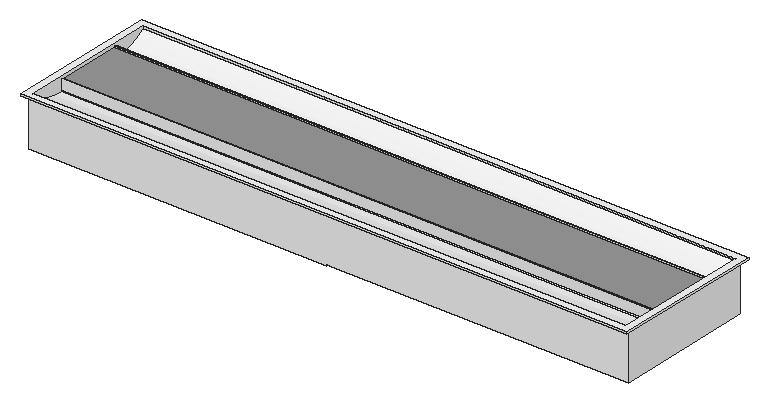
Revit family "2069268 Feilo Sylvania Lighting Fixture OFFICELYTE 1200 HE 4K SSH01", category Lighting Fixtures, host Face, Revit 2017
Family settings
  Host = Face
  Round Connector Dimension = Use Diameter
  Part Type = Normal
  OmniClass Number = 23.80.70.11.17
  OmniClass Title = Specialized Lighting by Location or Use
  Cut with Voids When Loaded = No
  Light Source = Yes
  Shared = No
  Room Calculation Point = No
Parameters (values of type "2069268 OFFICELYTE 1200 HE 4K SSH01")
  Width = 297.0 mm
  Weight = 5.90 kg
  Wattage = 25 W
  built-in parameter 1150110 = 1 (stored number, unit not read)
  Voltage Comments = "UNV (Universal Voltage; 230-240 Volt)"  # constant formula
  Voltage = 230 V  # constant formula
  URL = "http://www.sylvania-lighting.com"
  built-in parameter 1114217 = 1 (stored number, unit not read)
  Tilt Angle = 90.00°
  built-in parameter 1150109 = 1 (stored number, unit not read)
  built-in parameter 1150134 = 12
  built-in parameter 1150113 = 1 (stored number, unit not read)
  Product Page URL = "http://www.sylvania-lighting.com/product/en-int/products/2069268"
  Product Family = "OFFICELYTE LP LED"  # constant formula
  Photometry Comments = ""
  Photometric Web File = "2069268.ies"
  Life = "50 000 h"  # constant formula
  Length = 1197.0 mm
  LOR = "100 %"
  Keynote = "16500"
  IP Rating = "IP40"  # constant formula
  IK Rating = "IK02"  # constant formula
  Glow Wire Test = 650 °C  # constant formula
  Glare Control = "UGR <19"  # constant formula
  Electrical Protection = "CLASS I"  # constant formula
  Diffuser Material = Acrylic_Sylvania_Officelyte LP LED_Satin_4000K
  Height = 95.0 mm
  built-in parameter 1114216 [instance] = 1 (stored number, unit not read)
  Model = "OFFICELYTE 1200 HE 4K SSH01"
  Manufacturer = "Havells-Sylvania Group"  # constant formula
  built-in parameter 1150105 = 1881.9 (stored number, unit not read)
  Lumens = 3425 lm
  built-in parameter 1150115 = 1 (stored number, unit not read)
  built-in parameter 1150137 = (empty or 0)
  built-in parameter 1150139 = (empty or 0)
  built-in parameter 1150112 = 1 (stored number, unit not read)
  built-in parameter 1150114 = 1 (stored number, unit not read)
  Lamp = "LED"
  built-in parameter 1150132 = 2
  built-in parameter 1150102 = (empty or 0)
  built-in parameter 1150107 = 4000 (stored number, unit not read)
  built-in parameter 1150138 = (empty or 0)
  built-in parameter 1150106 = 18.819 (stored number, unit not read)
  Reflector Material = Steel_Sylvania_Officelyte LP LED_White_RAL 9016
  Emit from Rectangle Width = 564.0 mm
  Emit from Rectangle Length = 564.0 mm
  Emit Shape Visible in Rendering = no
  built-in parameter 1150104 = 12.728 (stored number, unit not read)
  Dimming Lamp Color Temperature Shift = <None>
  CRI ( Ra ) = 85
  Body Material = Steel_Sylvania_Officelyte LP LED_White_RAL 9016
  Description = "The Concord OFFICELYTE LP LED HO 4K 600 is a high efficient luminaire for Office, education, meeting rooms. With efficacy of 95lm/W, at 4549lm, CRI of 85 and a very low glare ratio according to EN12464."  # constant formula
  Default Elevation = 0.0 mm
  Color Filter = 16777215
  Catalog Number = "2064456 OFFICELYTE LP LED HE 4K 600"
  built-in parameter 1140040 [instance] = 1
  built-in parameter 1114218 = 1 (stored number, unit not read)
  built-in parameter 1150133 = 10 (stored number, unit not read)
  Assembly Code = "D5020200"
  Apparent Load Comments = ""
  Apparent Load = 25 VA
Reference planes
  plane 1 "Center (Front/Back)": x = 0.711
  plane 2: z = 0
  plane 3 "Center (Left/Right)": y = -70.403
  plane 4 "Fixture Bottom": z = 3
  plane 5 "Fixture Right": y = 78.097
  plane 6 "Profile Right": y = 64.597
  plane 7 "Profile Left": y = -205.403
  plane 8 "Fixture Left": y = -218.903
  plane 9 "Profile Back": x = -578.136
  plane 10 "Fixture Back": x = -591.636
  plane 11 "Fixture Front": x = 599.211
  plane 12: z = -25
  plane 13 "Box Right": y = 66.597
  plane 14 "Box Left": y = -207.403
  plane 15 "Box Back": x = -584.886
  plane 16 "Box Front": x = 587.711
  plane 17: y = -3.903
  plane 18: y = -136.903
  plane 19 "Difuser Right": y = -6.903
  plane 20 "Difuser Left": y = -133.903
  plane 21: z = -2
  plane 22: z = -4
  plane 23 "Profile Front": x = 585.711
  plane 24 "Fixture Top": z = -95
  plane 25 "Box Thickness": z = -93
  plane 26: z = -20
  plane 27: x = -597.789
  plane 28: x = 599.211
Forms (mm)
  Extrusion 1, void
    sketch origin (0, 0, 59) x (-1, 0, 0) y (0, -1, 0)
      loop
        line (-587.711, -66.597) -> (584.886, -66.597) -> (584.886, 207.403) -> (-587.711, 207.403) -> (-587.711, -66.597)
    from -152 to -56
  Extrusion 2, solid, material "Steel_Sylvania_Officelyte LP LED_White_RAL 9016" <- "Reflector Material", detail levels fine
    sketch origin (-294.136, -50.403, 59) x (0, -1, 0) y (1, 0, 0)
      loop
        line (-128.5, -297.5) -> (168.5, -297.5) -> (168.5, 893.347) -> (-128.5, 893.347) -> (-128.5, -297.5)
      loop
        line (155, -284) -> (155, 879.847) -> (-115, 879.847) -> (-115, -284) -> (155, -284)
    from -59 to -56
  Extrusion 3, solid, material "Steel_Sylvania_Officelyte LP LED_White_RAL 9016" <- "Reflector Material", detail levels fine
    sketch origin (0.711, -70.403, 0) x (0, 1, 0) y (0, 0, 1)
      loop
        arc (-65.868, -23.244) -> (-102.251, -17.422) -> (-135, -0.537) r 116.591
        line (-135, -0.537) -> (-135, -2.581)
        arc (-135, -2.581) -> (-102.244, -19.433) -> (-65.868, -25.244) r 116.772
        line (-65.868, -25.244) -> (65.87, -25.244)
        arc (65.87, -25.244) -> (102.245, -19.434) -> (135, -2.581) r 116.769
        line (135, -2.581) -> (135, -0.538)
        arc (135, -0.538) -> (102.252, -17.422) -> (65.87, -23.244) r 116.587
        line (65.87, -23.244) -> (-65.868, -23.244)
    from -578.847 to 585
  Extrusion 4, solid, material "Steel_Sylvania_Officelyte LP LED_White_RAL 9016" <- "Reflector Material", detail levels fine
    sketch origin (-294.136, -70.403, 59) x (0, -1, 0) y (1, 0, 0)
      loop
        line (135, -284) -> (135, 879.847) -> (-135, 879.847) -> (-135, -284) -> (135, -284)
      loop
        line (137, -290.75) -> (137, 886.648) -> (-137, 886.648) -> (-137, -290.75) -> (137, -290.75)
    from -152 to -59
  Extrusion 5, solid, material "Steel_Sylvania_Officelyte LP LED_White_RAL 9016" <- "Reflector Material", detail levels fine
    sketch origin (0, 0, 59) x (-1, 0, 0) y (0, -1, 0)
      loop
        line (578.136, 133.903) -> (578.136, 136.903) -> (-585.711, 136.903) -> (-585.711, 133.903) -> (578.136, 133.903)
      loop
        line (-585.711, 6.903) -> (-585.711, 3.903) -> (578.136, 3.903) -> (578.136, 6.903) -> (-585.711, 6.903)
    from -79 to -59
  Extrusion 6, solid, material "Acrylic_Sylvania_Officelyte LP LED_Satin_4000K" <- "Diffuser Material", detail levels fine
    sketch origin (0, 0, -581) x (-1, 0, 0) y (0, -1, 0)
      loop
        line (578.136, 133.903) -> (-585.711, 133.903) -> (-585.711, 6.903) -> (578.136, 6.903) -> (578.136, 133.903)
    from 577 to 579
  Extrusion 7, solid, material "Steel_Sylvania_Officelyte LP LED_White_RAL 9016" <- "Body Material", detail levels coarse+medium
    sketch origin (-294.136, -70.403, 59) x (0, -1, 0) y (1, 0, 0)
      loop
        line (148.5, -297.5) -> (148.5, 893.347) -> (-148.5, 893.347) -> (-148.5, -297.5) -> (148.5, -297.5)
    from -59 to -56
  Extrusion 8, solid, material "Steel_Sylvania_Officelyte LP LED_White_RAL 9016" <- "Body Material", detail levels coarse+medium
    sketch origin (0, 0, -501) x (-1, 0, 0) y (0, -1, 0)
      loop
        line (584.886, -66.597) -> (584.886, 207.403) -> (-587.711, 207.403) -> (-587.711, -66.597) -> (584.886, -66.597)
    from 406 to 501
  Extrusion 9, solid, material "Steel_Sylvania_Officelyte LP LED_White_RAL 9016" <- "Reflector Material", detail levels fine
    sketch origin (-294.136, -70.403, 59) x (0, -1, 0) y (1, 0, 0)
      loop
        line (-137, -290.75) -> (137, -290.75) -> (137, 294.847) -> (-137, 294.847) -> (-137, -290.75)
    from -154 to -152
Cuts and joins
  joined: Extrusion 2, Extrusion 4, Extrusion 9
  joined: Extrusion 3, Extrusion 5
Lines and regions (mm)
  symbolic lines
    curve 1: line (-591.636, -218.903, 59) -> (-591.636, 78.097, 59)
    curve 2: line (599.211, -218.903, 59) -> (-591.636, -218.903, 59)
    curve 3: line (599.211, 78.097, 59) -> (599.211, -218.903, 59)
    curve 4: line (-591.636, 78.097, 59) -> (599.211, 78.097, 59)
Dimensions and locks
  "Height": host face to plane 24 "Fixture Top"
  locked: plane 25 "Box Thickness" to plane 24 "Fixture Top" at 2
  plane 18 to plane 20 "Difuser Left" = 3.0 mm
  plane 19 "Difuser Right" to plane 17 = 3.0 mm
  plane 8 "Fixture Left" to plane 14 "Box Left" to plane 7 "Profile Left" = 11.5 mm, 2.0 mm
  plane 10 "Fixture Back" to plane 15 "Box Back" to plane 9 "Profile Back" = 6.75 mm, 6.75 mm
  plane 6 "Profile Right" to plane 13 "Box Right" to plane 5 "Fixture Right" = 2.0 mm, 11.5 mm
  plane 23 "Profile Front" to plane 16 "Box Front" to plane 11 "Fixture Front" = 2.0 mm, 11.5 mm
  plane 4 "Fixture Bottom" to plane 2 to plane 21 to plane 22 to plane 12 = 3.0 mm locked, 2.0 mm locked, 2.0 mm locked, 21.0 mm locked
  equal spacing: plane 8 "Fixture Left", plane 3 "Center (Left/Right)", plane 5 "Fixture Right", locked at 148.5 each
  "Width": plane 8 "Fixture Left" to plane 5 "Fixture Right"
  equal spacing: plane 27, plane 1 "Center (Front/Back)", plane 28, locked at 598.5 each
  "Length": plane 27 to plane 28
  aligned and locked: plane 2 to host face
  aligned and locked: level to host face
  aligned and locked: Extrusion 2 to plane 10 "Fixture Back"
  aligned and locked: Extrusion 2 to plane 8 "Fixture Left"
  aligned and locked: plane 7 "Profile Left" to Extrusion 2
  aligned and locked: plane 5 "Fixture Right" to Extrusion 2
  aligned and locked: Extrusion 2 to plane 6 "Profile Right"
  aligned and locked: plane 4 "Fixture Bottom" to Extrusion 2
  aligned and locked: plane 21 to Extrusion 6
  aligned and locked: Extrusion 6 to plane 22
  aligned and locked: Extrusion 7 sketch curve to plane 10 "Fixture Back"
  aligned and locked: plane 5 "Fixture Right" to Extrusion 7 sketch curve
  aligned and locked: Extrusion 8 to plane 24 "Fixture Top"
  aligned and locked: level to Extrusion 8
  aligned and locked: Extrusion 4 sketch curve to plane 9 "Profile Back"
  aligned and locked: Extrusion 4 to Extrusion 1
  aligned and locked: Extrusion 1 to imposter light
  aligned and locked: Extrusion 9 to plane 24 "Fixture Top"
  aligned and locked: plane 25 "Box Thickness" to Extrusion 9
  aligned and locked: cut or joined group of Extrusion 2, Extrusion 4, Extrusion 9 to plane 25 "Box Thickness"
  aligned and locked: Extrusion 4 sketch curve to plane 13 "Box Right"
  aligned and locked: plane 15 "Box Back" to Extrusion 4 sketch curve
  aligned and locked: Extrusion 4 sketch curve to plane 14 "Box Left"
  aligned and locked: plane 13 "Box Right" to Extrusion 9 sketch curve
  aligned and locked: Extrusion 9 sketch curve to plane 15 "Box Back"
  aligned and locked: Extrusion 9 sketch curve to plane 14 "Box Left"
  aligned and locked: cut or joined group of Extrusion 3, Extrusion 5 to plane 7 "Profile Left"
  aligned and locked: cut or joined group of Extrusion 3, Extrusion 5 to plane 6 "Profile Right"
  aligned and locked: cut or joined group of Extrusion 3, Extrusion 5 to plane 9 "Profile Back"
  aligned and locked: cut or joined group of Extrusion 3, Extrusion 5 to plane 23 "Profile Front"
  aligned and locked: Extrusion 1 sketch curve to Extrusion 8  (x4)
  aligned and locked: cut or joined group of Extrusion 3, Extrusion 5 to plane 26
  aligned and locked: plane 4 "Fixture Bottom" to imposter light
Automatic sketch dimensions
  host sketch curve to host sketch curve = 1305.563 mm
  host sketch curve to host sketch curve = 1414.187 mm
  plane 5 "Fixture Right" to Extrusion 2 sketch curve = 0.0 mm
  plane 6 "Profile Right" to Extrusion 2 sketch curve = 0.0 mm
  plane 7 "Profile Left" to Extrusion 2 sketch curve = 0.0 mm
  plane 8 "Fixture Left" to Extrusion 2 sketch curve = 0.0 mm
  Extrusion 2 sketch curve to plane 10 "Fixture Back" = 0.0 mm
  Extrusion 2 sketch curve to plane 9 "Profile Back" = 0.0 mm
  Extrusion 2 sketch curve to plane 23 "Profile Front" = 0.0 mm
  Extrusion 2 sketch curve to plane 11 "Fixture Front" = 0.0 mm
  Extrusion 3 sketch curve to plane 7 "Profile Left" = 0.0 mm
  Extrusion 3 sketch curve to plane 6 "Profile Right" = 0.0 mm
  plane 18 to Extrusion 3 sketch curve = 0.632 mm  (x2)
  Extrusion 3 sketch curve to plane 12 = 0.244 mm
  Extrusion 3 sketch curve to plane 17 = 0.63 mm
  Extrusion 3 sketch curve to Extrusion 3 sketch curve = 0.0 mm
  plane 12 to Extrusion 3 sketch curve = 1.756 mm
  Extrusion 3 sketch curve to level = 2.581 mm  (x2)
  Extrusion 3 sketch curve to level = 0.538 mm
  Extrusion 3 sketch curve to level = 0.537 mm
  plane 6 "Profile Right" to Extrusion 4 sketch curve = 0.0 mm
  plane 7 "Profile Left" to Extrusion 4 sketch curve = 0.0 mm
  plane 23 "Profile Front" to Extrusion 4 sketch curve = 0.0 mm
  Extrusion 5 sketch curve to plane 19 "Difuser Right" = 0.0 mm
  Extrusion 5 sketch curve to plane 23 "Profile Front" = 0.0 mm  (x2)
  Extrusion 5 sketch curve to plane 20 "Difuser Left" = 0.0 mm
  Extrusion 5 sketch curve to plane 9 "Profile Back" = 0.0 mm  (x2)
  Extrusion 5 sketch curve to plane 17 = 0.0 mm
  Extrusion 5 sketch curve to plane 18 = 0.0 mm
  Extrusion 6 sketch curve to plane 20 "Difuser Left" = 0.0 mm
  Extrusion 6 sketch curve to plane 23 "Profile Front" = 0.0 mm
  Extrusion 6 sketch curve to plane 9 "Profile Back" = 0.0 mm
  Extrusion 6 sketch curve to plane 19 "Difuser Right" = 0.0 mm
  plane 8 "Fixture Left" to Extrusion 7 sketch curve = 0.0 mm
  Extrusion 7 sketch curve to plane 11 "Fixture Front" = 0.0 mm
  Extrusion 8 sketch curve to plane 13 "Box Right" = 0.0 mm
  Extrusion 8 sketch curve to plane 16 "Box Front" = 0.0 mm
  Extrusion 8 sketch curve to plane 14 "Box Left" = 0.0 mm
  Extrusion 8 sketch curve to plane 15 "Box Back" = 0.0 mm
  Extrusion 4 sketch curve to Extrusion 4 sketch curve = 6.801 mm
  Extrusion 9 sketch curve to plane 1 "Center (Front/Back)" = 0.0 mm
  plane 8 "Fixture Left" to curve 3 = 0.0 mm
  curve 3 to plane 11 "Fixture Front" = 0.0 mm
  curve 2 to plane 10 "Fixture Back" = 0.0 mm
  plane 5 "Fixture Right" to curve 1 = 0.0 mm
